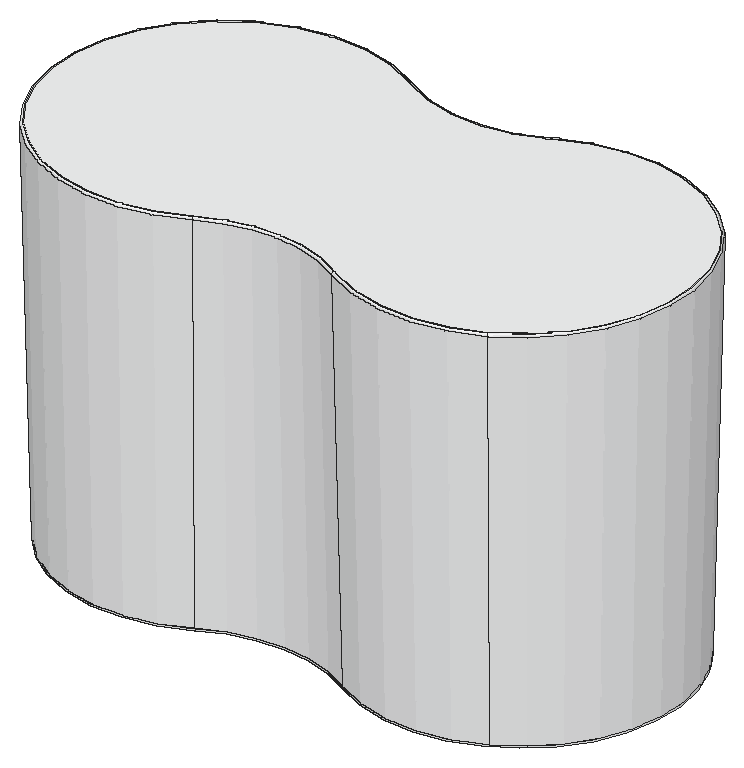
Revit family "INTONO C IN 3.3", category Lighting Fixtures, host Ceiling, Revit 2020
Family settings
  Host = Ceiling
  Round Connector Dimension = Use Diameter
  Part Type = Normal
  OmniClass Number = 23.80.70.11
  OmniClass Title = Luminaries for Internal Lighting
  Always vertical = Yes
  Cut with Voids When Loaded = No
  Light Source = Yes
  Shared = No
  Room Calculation Point = Yes
Parameters (values of type "INTONO C IN 3.3 AA (3000K CRI90 20W 230Vac)")
  Wiring = "-"
  Width mm = 85.00 mm
  Weight kg = "1.15 kg"
  Wattage = 11.0676 W
  Vertical rotation max = 0.00°
  URL Technical sheet = "-"
  URL Image = "https://www.lucelight.it/en/prodotto-foto.php/141760"
  URL IES Photometric file = "https://www.lucelight.it/media/prodotti/fotometrie/intono_c_in_3.3_ies.zip"
  URL General code = "https://www.lucelight.it/en/prodotto.php/141760#a-generacodice"
  URL Description = "https://www.lucelight.it/en/capitolato.php/141760"
  URL DXF = "https://www.lucelight.it/media/prodotti/dxf/intono_c_in_3.3.dxf"
  URL Catalogue = "https://www.lucelight.it/media/prodotti/mf_brochure/intono_c_in_brochure_en.pdf"
  URL Accessories and power supply units = "https://www.lucelight.it/en/prodotto.php/141760#a-scheda-accessori"
  URL = "https://www.lucelight.it/en/prodotto.php/141760"
  Trim = L&L_Black glass
  built-in parameter 1150110 = 1 (stored number, unit not read)
  Tilt Angle = 90.00°
  Power supply unit = "built-in"
  Power supply = "230Vac"
  Power cables = "-"
  Power = "20W"
  Photometric Web File = "INTONO C 3.3 AA [3000K CRI90 20W 230Vac].IES"
  Optics = "asymmetrical"
  Notes = "Version compatible with Google Home or Amazon Echo available on request for voice command control"
  No. and type of led = "2 high power density COB LEDs, 2-step MacAdam, 50 000h L95 B10 (Ta 25°C)"
  Mounting = "surface mounted (ceiling)"
  Model = "Intono C IN 3.3"
  Material = "Body in die-cast aluminium, screen in black-serigraphed, tempered, transparent extra-clear glass"
  Manufacturer = "L&L Luce&Light"
  Lumen output at source = "1644 lm (3000K, CRI 90), 1976 lm (3000K, CRI 80)"
  Lens = L&L_Tempered extra-clear glass
  built-in parameter 1114217 = 1 (stored number, unit not read)
  built-in parameter 1150109 = 1 (stored number, unit not read)
  built-in parameter 1150134 = (empty or 0)
  built-in parameter 1150113 = 1 (stored number, unit not read)
  Lumens = 1644 lm
  built-in parameter 1150115 = 1 (stored number, unit not read)
  built-in parameter 1150105 = 130.83 (stored number, unit not read)
  built-in parameter 1150137 = (empty or 0)
  built-in parameter 1150139 = (empty or 0)
  Length mm = 160.00 mm
  built-in parameter 1150112 = 1 (stored number, unit not read)
  built-in parameter 1150114 = 1 (stored number, unit not read)
  LED Colour = "2700K, 3000K, 4000K"
  built-in parameter 1150132 = 2
  built-in parameter 1150102 = (empty or 0)
  built-in parameter 1150138 = (empty or 0)
  built-in parameter 1150107 = 3000 (stored number, unit not read)
  built-in parameter 1150106 = 1.3083 (stored number, unit not read)
  IP = "IP40"
  Horizontal rotation max = 0.00°
  Height mm = 100.00 mm
  Features = "easy installation thanks to 4-point magnetic fastener"
  Energy efficiency class = "A A+ A++"
  Emit from Line Length = 609.60 mm
  built-in parameter 1150104 = 13.8 (stored number, unit not read)
  Dimming Lamp Color Temperature Shift = <None>
  Description = "Ceiling mounted for indoor applications"
  Delivered lumen output = "1392 lm (3000K, 15°, CRI 90), 1674 lm (3000K, 15°, CRI 80)"
  Default Elevation = 0.00 mm
  Cutout dimensions = "-"
  Control system = "0/1-10V, ON/OFF, DALI"
  Contact = "T: +39 0444 360571; E: lucelight@lucelight.it"
  Company = "L&L Luce&Light"
  Color Filter = 16777215
  Code = "-"
  CRI = "CRI 80; CRI >90"
  built-in parameter 1114218 = 1 (stored number, unit not read)
  Body = L&L _Aluminium low copper
  built-in parameter 1150133 = 10 (stored number, unit not read)
Types (5, lengths in mm): name | Photometric Web File | Optics
  (no name) | "INTONO C 3.3 AA [3000K CRI90 20W 230Vac].IES" | "asymmetrical"
  INTONO C IN 3.3 SS 15° (3000K CRI90 20W 230Vac) | "INTONO C 3.3 SS 15° [3000K CRI90 20W 230Vac].IES" | "15°"
  INTONO C IN 3.3 MM 20° (3000K CRI90 20W 230Vac) | "INTONO C 3.3 MM 20° [3000K CRI90 20W 230Vac].IES" | "20°"
  INTONO C IN 3.3 LL 43° (3000K CRI90 20W 230Vac) | "INTONO C 3.3 LL 43° [3000K CRI90 20W 230Vac].IES" | "43°"
  INTONO C IN 3.3 AA (3000K CRI90 20W 230Vac) | "INTONO C 3.3 AA [3000K CRI90 20W 230Vac].IES" | "asymmetrical"
Reference planes
  plane 1 "Light Source Axis (F/B)": y = 0
  plane 2 "Ceiling": z = 2438.4
  plane 3 "Light Source Axis (L/R)": x = 0
  plane 4 "Light Source Elevation": z = 2336.8
Dimensions and locks
  equal spacing: host sketch curve, plane 3 "Light Source Axis (L/R)", host sketch curve
  equal spacing: host sketch curve, plane 1 "Light Source Axis (F/B)", host sketch curve
  host sketch curve to host sketch curve = 3048.00 mm  (x2)
  aligned and locked: plane 3 "Light Source Axis (L/R)" to imposter light
  aligned and locked: plane 1 "Light Source Axis (F/B)" to imposter light
  aligned and locked: plane 4 "Light Source Elevation" to imposter light
Nested families
  nested 1: "INTONO C IN 3.3_mod" at (0, 0, 2438.4), type "INTONO C IN 3.3_mod"
Definition of nested family "INTONO C IN 3.3_mod"
  Parameters (values of type "INTONO C IN 3.3_mod")
    Trim = none
    Lens = none
    Default Elevation = 1219.20 mm
    Body = none
  Reference planes
    plane 1 "Light Source Axis (F/B)": y = 0
    plane 2: z = 0
    plane 3 "Light Source Axis (L/R)": x = 0
    plane 4 "Light Source Elevation": z = 0
    plane 5: z = 82.5
    plane 6: x = -51.427
    plane 7: x = 51.427
    plane 8: x = 50.013
    plane 9: x = -50.013
    plane 10: z = -100.7
  Forms (mm)
    Sweep 1, solid, material <- "Body", detail levels medium+fine
      path origin (0, 0, 0) x (0, 1, 0) y (-1, 0, 0)
        loop
          arc (36.903, 18.694) -> (42.611, 39.724) -> (37.176, 60.827) r 42.612
          arc (37.176, 60.827) -> (-21.067, 77.04) -> (-36.903, 18.694) r 42.612
          arc (-36.903, 18.694) -> (-31.894, 0) -> (-36.903, -18.694) r 37.388
          arc (-36.903, -18.694) -> (-42.611, -39.724) -> (-37.176, -60.827) r 42.612
          arc (-37.176, -60.827) -> (21.067, -77.04) -> (36.903, -18.694) r 42.612
          arc (36.903, -18.694) -> (31.894, 0) -> (36.903, 18.694) r 37.388
      profile origin (-39.724, 42.611, 0) x (-0.006469, -0.999979, 0) y (0, 0, 1)
        loop
          line (0, -0.593) -> (2.488, -100.2) -> (5.058, -100.2) -> (0.566, -0.001)
          arc (0.566, -0.001) -> (0.164, -0.183) -> (0, -0.593) r 0.593
    Extrusion 2, solid, material <- "Body", detail levels coarse
      sketch origin (67.536, 184.895, -80.493) x (0, 1, 0) y (-1, 0, 0)
        loop
          arc (-147.719, 128.363) -> (-205.962, 144.577) -> (-221.798, 86.23) r 42.612
          arc (-221.798, 86.23) -> (-216.789, 67.536) -> (-221.798, 48.842) r 37.388
          arc (-221.798, 48.842) -> (-227.506, 27.812) -> (-222.071, 6.71) r 42.612
          arc (-222.071, 6.71) -> (-163.828, -9.504) -> (-147.992, 48.842) r 42.612
          arc (-147.992, 48.842) -> (-153.001, 67.536) -> (-147.992, 86.23) r 37.388
          arc (-147.992, 86.23) -> (-142.284, 107.261) -> (-147.719, 128.363) r 42.612
      from -20.207 to 80.493
    Extrusion 3, solid, material <- "Body", detail levels medium+fine
      sketch origin (0, 0, -2) x (0, 1, 0) y (-1, 0, 0)
        loop
          arc (36.413, 18.977) -> (42.045, 39.728) -> (36.682, 60.55) r 42.046
          arc (36.682, 60.55) -> (-20.787, 76.548) -> (-36.413, 18.977) r 42.046
          arc (-36.413, 18.977) -> (-31.328, 0) -> (-36.413, -18.977) r 37.954
          arc (-36.413, -18.977) -> (-42.045, -39.728) -> (-36.682, -60.55) r 42.046
          arc (-36.682, -60.55) -> (20.787, -76.548) -> (36.413, -18.977) r 42.046
          arc (36.413, -18.977) -> (31.328, 0) -> (36.413, 18.977) r 37.954
      from 0 to 2
    Extrusion 4, solid, material <- "Body", detail levels medium+fine
      sketch origin (-25, 0, -100.2) x (0.879138, 0.476568, 0) y (0.476568, -0.879138, 0)
        loop
          arc (90.792, 9.061) -> (78.606, 64.917) -> (22.919, 51.982) r 40.156
          arc (22.919, 51.982) -> (7.949, 37.795) -> (-12.109, 32.993) r 39.844
          arc (-12.109, 32.993) -> (-31.849, 28.408) -> (-46.836, 14.767) r 40.156
          arc (-46.836, 14.767) -> (-34.649, -41.088) -> (21.038, -28.153) r 40.156
          arc (21.038, -28.153) -> (36.008, -13.966) -> (56.066, -9.165) r 39.844
          arc (56.066, -9.165) -> (75.805, -4.58) -> (90.792, 9.061) r 40.156
        loop
          circle (57.144, 30.977) r 36.141
        loop
          circle (-13.187, -7.149) r 36.141
      from 0 to 0.5
    Extrusion 5, solid, material <- "Trim", detail levels fine
      sketch origin (-25, 0, -100.2) x (0.879138, 0.476568, 0) y (0.476568, -0.879138, 0)
        loop
          circle (-13.187, -7.149) r 36.141
        loop
          circle (57.144, 30.977) r 36.141
        loop
          circle (57.144, 30.977) r 30
        loop
          circle (-13.187, -7.149) r 30
      from -2.5 to -1.5
    Extrusion 6, solid, material <- "Body", detail levels medium+fine
      sketch origin (-25, 0, -100.2) x (0.879138, 0.476568, 0) y (0.476568, -0.879138, 0)
        loop
          circle (57.144, 30.977) r 36.141
        loop
          circle (-13.187, -7.149) r 36.141
        loop
          circle (57.144, 30.977) r 37.381
        loop
          circle (-13.187, -7.149) r 37.381
      from -2.5 to 0
    Extrusion 7, solid, material <- "Lens", detail levels medium
      sketch origin (-25, 0, -100.2) x (0.879138, 0.476568, 0) y (0.476568, -0.879138, 0)
        loop
          circle (-13.187, -7.149) r 36.141
        loop
          circle (57.144, 30.977) r 36.141
      from -2.5 to -1.5
    Extrusion 8, solid, material <- "Lens", detail levels fine
      sketch origin (-25, 0, -100.2) x (0.879138, 0.476568, 0) y (0.476568, -0.879138, 0)
        loop
          circle (57.144, 30.977) r 30
        loop
          circle (-13.187, -7.149) r 30
      from -2.5 to -1.5
    Extrusion 9, solid, material <- "Lens", detail levels fine
      sketch origin (-25, 0, -81.916) x (0.879138, 0.476568, 0) y (0.476568, -0.879138, 0)
        loop
          circle (-13.187, -7.149) r 25.745
        loop
          circle (57.144, 30.977) r 25.745
      from -2.5 to -1.5
    Sweep 10, solid, material <- "Body", detail levels medium+fine
      path origin (0, 0, 0) x (0, -1, 0) y (1, 0, 0)
        loop
          circle (0, 40) r 40.026
      profile origin (40, 40.026, 0) x (0, -1, 0) y (0, 0, 1)
        loop
          line (1.754, -84.106) -> (4.841, -84.106) -> (14.281, -80.671) -> (14.281, -72.266) -> (1.839, -72.266) -> (1.754, -84.106)
    Sweep 11, solid, material <- "Body", detail levels medium+fine
      path origin (0, 0, 0) x (0, 1, 0) y (-1, 0, 0)
        loop
          circle (0, 40) r 40.026
      profile origin (-40, 40.026, 0) x (0, 1, 0) y (0, 0, 1)
        loop
          line (-1.754, -84.106) -> (-1.839, -72.266) -> (-14.281, -72.266) -> (-14.281, -80.671) -> (-4.841, -84.106) -> (-1.754, -84.106)
  Dimensions and locks
    aligned and locked: level to plane 2
